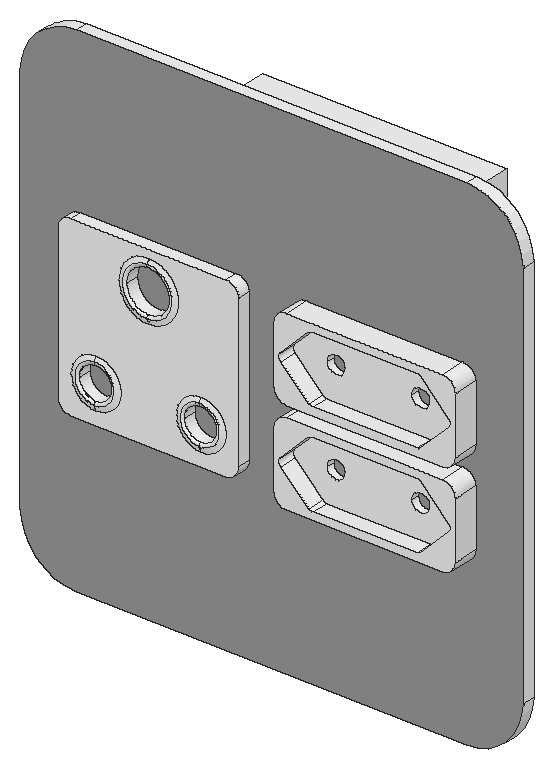
Revit family "EF_Veti-4x4-2-Two-Pin-1-Single-No-Switching-Plug-Point", category Electrical Fixtures, Revit 2016
Family settings
  Maintain Annotation Orientation = No
  Part Type = Normal
  Round Connector Dimension = Use Diameter
  Work Plane-Based = No
  Always vertical = Yes
  Cut with Voids When Loaded = No
  Shared = No
  Room Calculation Point = No
Parameters (values of type "2 Two Pin - 1 Single No Switching Plug Point")
  Voltage_x = 220 V
  URL for TCP = "http://www.tcpbim.co.za"
  URL = "http://www.major-tech.com/15-veti"
  Type Comments = "Plug Points"
  Switch Voltage = Voltage_x  # 220 V
  Plug Point Height [instance] = 1200 mm
  Materials [instance] = 0 mm
  Manufacturer = "VETI"
  Made by = "Tolani Civil Projects cc"
  Load = 2860 VA
  Description = "4x4 2 Two Pin - 1 Single No Switching Plug Point"
  Amperage = 16 A
Reference planes
  plane 1 "Center (Front/Back)": y = 0
  plane 2: z = 0
  plane 3 "Center (Left/Right)": x = 0
Forms (mm)
  Extrusion 1, solid, material "Plastic White"
    sketch origin (-181.105, 65, 0) x (1, 0, 0) y (0, 0, 1)
      loop
        arc (103.605, 1400) -> (87.695, 1393.41) -> (81.105, 1377.5) r 22.5
        line (81.105, 1377.5) -> (81.105, 1222.5)
        arc (81.105, 1222.5) -> (87.695, 1206.59) -> (103.605, 1200) r 22.5
        line (103.605, 1200) -> (258.605, 1200)
        arc (258.605, 1200) -> (274.515, 1206.59) -> (281.105, 1222.5) r 22.5
        line (281.105, 1222.5) -> (281.105, 1377.5)
        arc (281.105, 1377.5) -> (274.515, 1393.41) -> (258.605, 1400) r 22.5
        line (258.605, 1400) -> (103.605, 1400)
    from 65 to 70
  Extrusion 2, solid, material "Plastic White"
    sketch origin (-166.105, 0, 0) x (-1, 0, 0) y (0, 0, 1)
      loop
        line (-214.439, 1370) -> (-214.439, 1360) -> (-117.772, 1360) -> (-117.772, 1370) -> (-214.439, 1370)
    from 0 to 51.204
Cuts and joins
  joined: Extrusion 1, Extrusion 2
Dimensions and locks
  Extrusion 1 sketch curve to Extrusion 1 sketch curve = 200 mm
  Extrusion 2 sketch curve to Extrusion 2 sketch curve to Extrusion 1 = 10 mm, 30 mm
  Extrusion 2 sketch curve to Extrusion 2 sketch curve = 96.667 mm
  cut or joined group of Extrusion 1, Extrusion 2 to cut or joined group of Extrusion 1, Extrusion 2 = 200 mm
  cut or joined group of Extrusion 1, Extrusion 2 to cut or joined group of Extrusion 1, Extrusion 2 to cut or joined group of Extrusion 1, Extrusion 2 to cut or joined group of Extrusion 1, Extrusion 2 = 30 mm locked, 10 mm locked, 160 mm locked
  cut or joined group of Extrusion 1, Extrusion 2 to cut or joined group of Extrusion 1, Extrusion 2 to cut or joined group of Extrusion 1, Extrusion 2 = 51.204 mm locked, 5 mm locked
  cut or joined group of Extrusion 1, Extrusion 2 to cut or joined group of Extrusion 1, Extrusion 2 = 96.667 mm
  locked: cut or joined group of Extrusion 1, Extrusion 2 to plane 1 "Center (Front/Back)"
  plane 3 "Center (Left/Right)" to Extrusion 1 sketch curve = 100 mm
  locked: plane 3 "Center (Left/Right)" to cut or joined group of Extrusion 1, Extrusion 2 at 48.333
  cut or joined group of Extrusion 1, Extrusion 2 to nested 3 to nested 2 to nested 4 to nested 3 to cut or joined group of Extrusion 1, Extrusion 2 = 64.338 mm locked, 32.776 mm locked, 4.578 mm locked, 32.776 mm locked, 65.532 mm locked
  nested 3 to plane 3 "Center (Left/Right)" to nested 2 to nested 4 = 9.125 mm locked, 8.988 mm locked, 71.975 mm locked
  "Plug Point Height": cut or joined group of Extrusion 1, Extrusion 2 to level
  aligned and locked: level to plane 2
  aligned and locked: nested 1 to plane 1 "Center (Front/Back)"
  aligned and locked: cut or joined group of Extrusion 1, Extrusion 2 to nested 3
  aligned and locked: cut or joined group of Extrusion 1, Extrusion 2 to nested 4
  aligned and locked: nested 4 to nested 2
Automatic sketch dimensions
  Extrusion 1 sketch curve to plane 3 "Center (Left/Right)" = 77.5 mm
  plane 3 "Center (Left/Right)" to Extrusion 1 sketch curve = 77.5 mm  (x2)
  level to Extrusion 1 sketch curve = 1200 mm
  Extrusion 1 sketch curve to Extrusion 1 sketch curve = 22.5 mm  (x2)
  Extrusion 2 sketch curve to Extrusion 1 = 51.667 mm  (x2)
Nested families
  nested 1: "Power Point Test 1" at (0, 0, 0) x (-1, 0, 0) z (0, 0, 1), type "Receptacle Symbol"
  nested 2: "2 Pin PLUG" at (44.976, -5, 183.224), type "2 Pin PLUG"
  nested 3: "Plug Plate" at (-44.992, -5, 220.203), type "Plug Plate"
  nested 4: "2 Pin PLUG" at (44.976, -5, 145.869), type "2 Pin PLUG"
Connectors
  electrical at (0, 25.602, 1370), driven by "Voltage_x", driven by "Load"
    settings: on cut or joined group of Extrusion 1, Extrusion 2, index 2, voltage 220 V, apparent load 0 VA, apparent load phase1 2860 VA, apparent load phase2 0 VA, apparent load phase3 0 VA, power factor 1, load classification "Other", number of poles 1, system type 31, power factor state 1, is connector primary yes, connector utility no, sub classification motor no, connector description ""
  electrical at (0, 25.602, 1370), driven by "Voltage_x", driven by "Load"
    settings: on cut or joined group of Extrusion 1, Extrusion 2, index 3, voltage 220 V, apparent load 0 VA, apparent load phase1 2860 VA, apparent load phase2 0 VA, apparent load phase3 0 VA, power factor 1, load classification "Other", number of poles 1, system type 31, power factor state 1, is connector primary no, connector utility no, sub classification motor no, connector description ""
  electrical at (0, 25.602, 1370), driven by "Voltage_x", driven by "Load"
    settings: on cut or joined group of Extrusion 1, Extrusion 2, index 4, voltage 220 V, apparent load 0 VA, apparent load phase1 2860 VA, apparent load phase2 0 VA, apparent load phase3 0 VA, power factor 1, load classification "Other", number of poles 1, system type 31, power factor state 1, is connector primary no, connector utility no, sub classification motor no, connector description ""
Definition of nested family "2 Pin PLUG"
  Reference planes
    plane 1 "Center (Front/Back)": y = 0
    plane 2: z = 0
    plane 3 "Center (Left/Right)": x = 0
  Forms (mm)
    Extrusion 1, solid
      sketch origin (-1.754, 2.672, -0.197) x (1, 0, 0) y (0, 0, 1)
        loop
          arc (-29.234, 1152.636) -> (-32.77, 1151.171) -> (-34.234, 1147.636) r 5
          line (-34.234, 1147.636) -> (-34.234, 1124.86)
          arc (-34.234, 1124.86) -> (-32.77, 1121.324) -> (-29.234, 1119.86) r 5
          line (-29.234, 1119.86) -> (32.741, 1119.86)
          arc (32.741, 1119.86) -> (36.277, 1121.324) -> (37.741, 1124.86) r 5
          line (37.741, 1124.86) -> (37.741, 1147.636)
          arc (37.741, 1147.636) -> (36.277, 1151.171) -> (32.741, 1152.636) r 5
          line (32.741, 1152.636) -> (-29.234, 1152.636)
      from 12.672 to 2.672
    Extrusion 2, void
      sketch origin (-1.754, -10, -0.197) x (-1, 0, 0) y (0, 0, 1)
        loop
          line (18.92, 1149.635) -> (-22.428, 1149.635)
          arc (-22.428, 1149.635) -> (-23.283, 1149.465) -> (-24.008, 1148.981) r 2.235
          line (-24.008, 1148.981) -> (-35.163, 1137.826)
          arc (-35.163, 1137.826) -> (-35.817, 1136.248) -> (-35.163, 1134.669) r 2.232
          line (-35.163, 1134.669) -> (-23.998, 1123.504)
          arc (-23.998, 1123.504) -> (-23.284, 1123.027) -> (-22.442, 1122.86) r 2.2
          line (-22.442, 1122.86) -> (18.935, 1122.86)
          arc (18.935, 1122.86) -> (19.777, 1123.027) -> (20.491, 1123.504) r 2.2
          line (20.491, 1123.504) -> (31.656, 1134.669)
          arc (31.656, 1134.669) -> (32.309, 1136.248) -> (31.656, 1137.826) r 2.232
          line (31.656, 1137.826) -> (20.501, 1148.981)
          arc (20.501, 1148.981) -> (19.776, 1149.465) -> (18.92, 1149.635) r 2.235
      from 0 to 6.946
    Extrusion 3, void
      sketch origin (-1.754, -10, -0.197) x (-1, 0, 0) y (0, 0, 1)
        loop
          circle (15.086, 1136.248) r 3.601
        loop
          circle (-18.593, 1136.248) r 3.601
      from 6.946 to 10
  Cuts and joins
    Extrusion 2, Extrusion 3 cuts Extrusion 1
  Dimensions and locks
    aligned and locked: plane 2 to level
    aligned and locked: Extrusion 1 to plane 1 "Center (Front/Back)"
    aligned and locked: Extrusion 3 to Extrusion 2
    aligned and locked: Extrusion 3 to plane 1 "Center (Front/Back)"
Definition of nested family "Plug Plate"
  Reference planes
    plane 1 "Center (Front/Back)": y = 0
    plane 2: z = 0
    plane 3 "Center (Left/Right)": x = 0
    plane 4: x = 0
    plane 5: z = 1100.459
    plane 6: x = 20.867
    plane 7: x = -20.897
    plane 8: z = 1060.329
    plane 9: x = -35.867
    plane 10: x = 35.867
    plane 11 "Left": x = -20.897
    plane 12 "Right": x = 20.867
    plane 13: z = 1060.329
    plane 14: z = 1100.459
  Forms (mm)
    Extrusion 1, solid
      sketch origin (38.868, 0, -0.675) x (1, 0, 0) y (0, 0, 1)
        loop
          arc (-69.734, 1116.134) -> (-73.27, 1114.67) -> (-74.734, 1111.134) r 5
          line (-74.734, 1111.134) -> (-74.734, 1051.004)
          arc (-74.734, 1051.004) -> (-73.27, 1047.468) -> (-69.734, 1046.004) r 5
          line (-69.734, 1046.004) -> (-8.001, 1046.004)
          arc (-8.001, 1046.004) -> (-4.465, 1047.468) -> (-3.001, 1051.004) r 5
          line (-3.001, 1051.004) -> (-3.001, 1111.134)
          arc (-3.001, 1111.134) -> (-4.465, 1114.67) -> (-8.001, 1116.134) r 5
          line (-8.001, 1116.134) -> (-69.734, 1116.134)
        loop
          circle (-38.868, 1101.134) r 8.5
        loop
          circle (-59.764, 1061.004) r 6.5
        loop
          circle (-18.001, 1061.004) r 6.5
      from 5 to 0
    Revolve 2, solid
      sketch origin (-20.897, 0, 0) x (0, 0, -1) y (0, -1, 0)
        loop
          line (-1068.072, 5.593) -> (-1070.253, 4.968) -> (-1066.828, 4.968)
          arc (-1066.828, 4.968) -> (-1067.328, 5.524) -> (-1068.072, 5.593) r 1.027
        axis (-1060.329, 5.593) -> (-1060.329, 4.593)
      angle from 0 to 360
    Revolve 3, solid
      sketch origin (20.867, 0, 0) x (0, 0, -1) y (0, -1, 0)
        loop
          line (-1068.072, 5.593) -> (-1070.253, 4.968) -> (-1066.828, 4.968)
          arc (-1066.828, 4.968) -> (-1067.328, 5.524) -> (-1068.072, 5.593) r 1.027
        axis (-1060.329, 5.593) -> (-1060.329, 4.593)
      angle from 0 to 360
    Revolve 4, solid
      sketch origin (0, 0, 40.13) x (0, 0, -1) y (0, -1, 0)
        loop
          line (-1070.06, 5.593) -> (-1072.241, 4.968) -> (-1068.816, 4.968)
          arc (-1068.816, 4.968) -> (-1069.316, 5.524) -> (-1070.06, 5.593) r 1.027
        axis (-1060.329, 5.593) -> (-1060.329, 4.593)
      angle from 0 to 360
  Cuts and joins
    joined: Extrusion 1, Revolve 2, Revolve 3, Revolve 4
  Dimensions and locks
    aligned and locked: plane 2 to level
Definition of nested family "Power Point Test 1"
  Parameters
    Plug Point Height = 1200 mm
  Reference planes
    plane 1: y = 0
    plane 2: x = 0
  Lines and regions (mm)
    Filled region 1, type "Filled region 1"
      outline origin (0, 0, 0) x (1, 0, 0) y (0, 1, 0)
        loop
          arc (1.505, 0.736) -> (1.065, 1.797) -> (0.005, 2.236) r 1.5
          line (0.005, 2.236) -> (0.005, 0.736) -> (1.505, 0.736)
    detail lines
      curve 1: line (-0.442, -0.034, 0) -> (-0.442, 0.736, 0)
      curve 2: arc (1.505, 0.736, 0) -> (0.005, 2.236, 0) -> (-1.495, 0.736, 0) r 1.5
      curve 3: line (0.451, -0.034, 0) -> (0.451, 0.736, 0)
      curve 4: line (-1.495, 0.736, 0) -> (1.505, 0.736, 0)
      curve 5: line (0.005, 2.236, 0) -> (0.005, 0.736, 0)
      curve 6: line (-1.056, 1.797, 0) -> (-2.476, 3.217, 0)
      curve 7: line (-2.122, 2.863, 0) -> (-1.419, 3.566, 0)
      curve 8: line (-1.743, 2.484, 0) -> (-1.04, 3.186, 0)
      curve 9: line (-2.476, 3.217, 0) -> (-1.773, 3.919, 0)
  Text (mm)
    label "A" at (-0.392, 3.565, 0), shows "Plug Point Height"
    text "T" at (-0.841, 1.93, 0)
    text "No Switching" at (3.454, 3.046, 0)
  Dimensions and locks
    curve 1 to curve 3 = 0.893 mm
